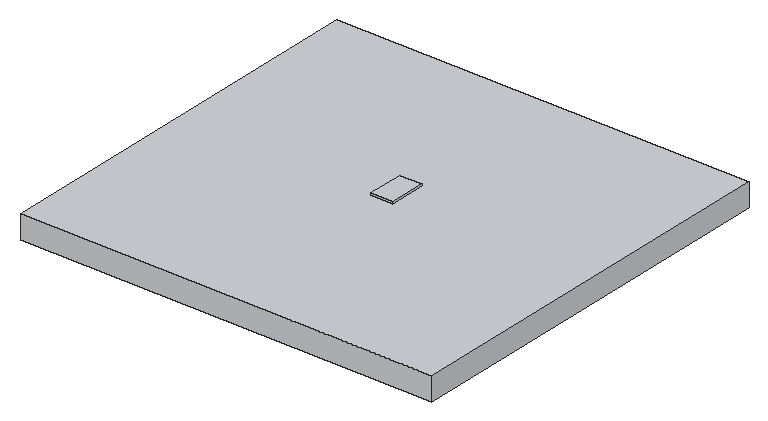
Revit family "080dbcc268e54ab9a7295c3611aeeccb", category Electrical Fixtures, host Face, Revit 2021
Family settings
  Host = Face
  Maintain Annotation Orientation = Yes
  Round Connector Dimension = Use Diameter
  Part Type = Normal
  OmniClass Number = 23.80.50.11.17
  OmniClass Title = Ground Fault Receptacles
  Seek Item ID = Receptacle - 220V-0000-USA-ENU
  Cut with Voids When Loaded = No
  Shared = No
  Room Calculation Point = No
Parameters (values of type "Standard")
  Switch Voltage = 220 V
  Load Classification = Receptacle
  Load = 180 VA
  Default Elevation = 1' - 6"
  Assembly Code = ""
Reference planes (in)
  plane 1 "Center (Front/Back)": y = 0
  plane 2: z = 0
  plane 3 "Center (Left/Right)": x = 0
  plane 4: x = -1.375
  plane 5: x = 1.375
  plane 6: x = -0.75
  plane 7: x = 0.75
  plane 8: y = 2.25
  plane 9: y = -2.25
  plane 10: y = 1.5
  plane 11: y = -1.5
  plane 12 "level above": z = 0.1875
  plane 13 "level below": z = -2.125
Forms (in)
  Extrusion 1, solid
    sketch origin (0, 0, 0) x (1, 0, 0) y (0, 1, 0)
      loop
        line (-25.375, 22.5) -> (-25.375, -26.25) -> (25.375, -26.25) -> (25.375, 22.5) -> (-25.375, 22.5)
    from 0 to -2.86111
  Extrusion 2, solid
    sketch origin (0, 0, 0) x (1, 0, 0) y (0, 1, 0)
      loop
        line (-1.375, 2.25) -> (-1.375, -2.25) -> (1.375, -2.25) -> (1.375, 2.25) -> (-1.375, 2.25)
    from 0 to 0.1875
  Extrusion 3, solid
    sketch origin (0, 0, 0) x (1, 0, 0) y (0, 1, 0)
      loop
        line (-0.75, 1.5) -> (-0.75, -1.5) -> (0.75, -1.5) -> (0.75, 1.5) -> (-0.75, 1.5)
    from 0 to -2.125
Lines and regions (in)
  symbolic lines, detail levels fine
    curve 1: line (1.375, 0, 0) -> (-1.375, 0, 0)
    curve 2: line (1.375, 0, 0.1875) -> (1.375, 0, 0)
    curve 3: line (-1.375, 0, 0.1875) -> (1.375, 0, 0.1875)
    curve 4: line (-1.375, 0, 0) -> (-1.375, 0, 0.1875)
    curve 5: line (0.75, 0, -2.125) -> (-0.75, 0, -2.125)
    curve 6: line (0.75, 0, 0) -> (0.75, 0, -2.125)
    curve 7: line (-0.75, 0, -2.125) -> (-0.75, 0, 0)
Dimensions and locks (in)
  equal spacing: plane 6, plane 3 "Center (Left/Right)", plane 7, locked at 0.75 each
  locked: plane 6 to plane 7 at 1.5
  equal spacing: plane 4, plane 3 "Center (Left/Right)", plane 5, locked at 1.375 each
  locked: plane 4 to plane 5 at 2.75
  locked: plane 8 to plane 9 at 4.5
  locked: plane 12 "level above" to level at 0.1875
  locked: level to plane 13 "level below" at 2.125
  locked: plane 10 to plane 11 at 3
  equal spacing: plane 10, plane 1 "Center (Front/Back)", plane 11, locked at 1.5 each
  equal spacing: plane 8, plane 1 "Center (Front/Back)", plane 9, locked at 2.25 each
  aligned and locked: plane 2 to Extrusion 1
  aligned and locked: level to Extrusion 1
  aligned and locked: plane 8 to Extrusion 2
  aligned and locked: Extrusion 2 to plane 9
  aligned and locked: plane 5 to Extrusion 2
  aligned and locked: Extrusion 2 to plane 4
  aligned and locked: Extrusion 2 to level
  aligned and locked: plane 12 "level above" to Extrusion 2
  aligned and locked: plane 10 to Extrusion 3
  aligned and locked: Extrusion 3 to plane 6
  aligned and locked: plane 7 to Extrusion 3
  aligned and locked: Extrusion 3 to plane 11
  aligned and locked: Extrusion 3 to level
  aligned and locked: Extrusion 3 to plane 13 "level below"
  aligned and locked: curve 4 to plane 4
  aligned and locked: plane 5 to curve 2
  aligned and locked: curve 3 to plane 12 "level above"
  aligned and locked: plane 2 to curve 1
  aligned and locked: curve 7 to plane 6
  aligned and locked: plane 7 to curve 6
  aligned and locked: plane 13 "level below" to curve 5
  aligned and locked: plane 1 "Center (Front/Back)" to nested 1
  aligned and locked: plane 3 "Center (Left/Right)" to nested 1
Automatic sketch dimensions
  Extrusion 2 sketch curve to plane 4 = 0' - 0"
  Extrusion 2 sketch curve to plane 5 = 0' - 0"
  Extrusion 2 sketch curve to plane 9 = 0' - 0"
  Extrusion 2 sketch curve to plane 8 = 0' - 0"
  Extrusion 3 sketch curve to plane 6 = 0' - 0"
  Extrusion 3 sketch curve to plane 7 = 0' - 0"
  Extrusion 3 sketch curve to plane 11 = 0' - 0"
  Extrusion 3 sketch curve to plane 10 = 0' - 0"
  Extrusion 1 sketch curve to Extrusion 1 sketch curve = 4' - 2 3/4"
  Extrusion 1 sketch curve to Extrusion 1 sketch curve = 4' - 0 3/4"
Nested families (in)
  nested 1: "Receptacle - 220V Annotation" at (0, 0, 0), type "Receptacle - 220V Annotation", detail levels coarse+medium
Connectors (in)
  electrical at (0, 1.5, -1.0625), driven by "Switch Voltage", driven by "Load", driven by "Load Classification"
    settings: on Extrusion 3, index 1, voltage 220 V, apparent load 0 VA, apparent load phase1 180 VA, apparent load phase2 0 VA, apparent load phase3 0 VA, power factor 1, load classification "Receptacle", number of poles 1, system type 31, power factor state 1, is connector primary yes, connector utility no, sub classification motor no, connector description ""
Definition of nested family "Receptacle - 220V Annotation"
  Parameters
    Label Annotation = "AIM"
  Reference planes (in)
    plane 1: y = 0
    plane 2: x = 0
  Lines and regions (in)
    reference lines
      curve 1: line (-1.4528, 0.125, 0) -> (2.5472, 0.125, 0)
    detail lines
      curve 2: circle (0, 0.125, 0) r 0.0625 normal (0, 0, 1)
      curve 3: line (0, 0.1875, 0) -> (0, 0, 0)
      curve 4: line (-0.01562, 0.18552, 0) -> (-0.01562, 0, 0)
      curve 5: line (0.01563, 0.18552, 0) -> (0.01563, 0, 0)
  Dimensions and locks (in)
    locked: plane 1 to curve 1 at 0.125
    locked: curve 4 to plane 2 at 0.01562
    locked: plane 2 to curve 5 at 0.01563
    radius of curve 2 = 0' - 0 1/16"
    aligned and locked: curve 1 to curve 2
    aligned and locked: plane 2 to curve 2
    aligned and locked: plane 1 to curve 5
    aligned and locked: plane 1 to curve 4
    aligned and locked: plane 1 to curve 3
    aligned and locked: curve 3 to plane 2
